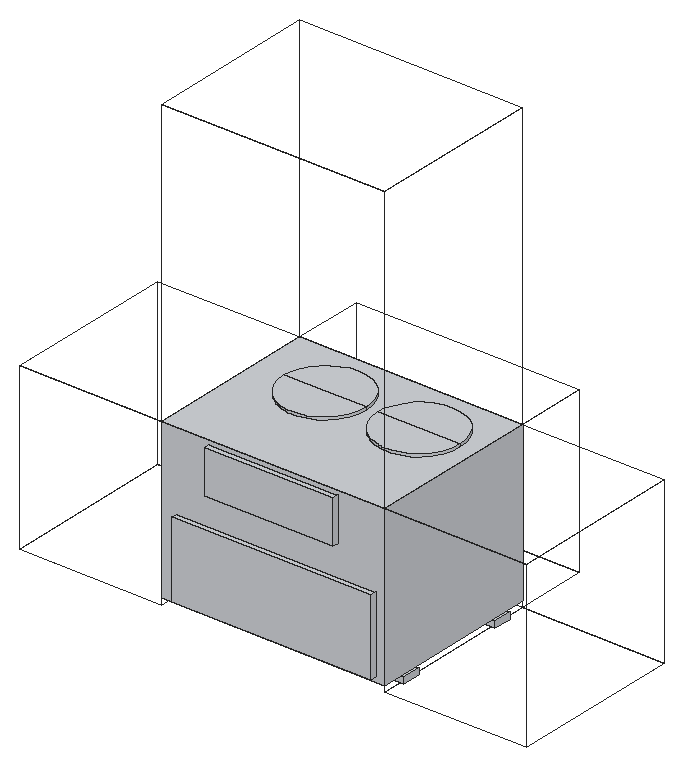
Revit family "Air_Handling_Unit-Package-Temperzone-OPA_171_211RLTFY", category Mechanical Equipment, Revit 2024
Family settings
  Round Connector Dimension = Use Radius
  Part Type = Normal
  OmniClass Number = 23.75.35.14
  OmniClass Title = Air Handling Units
  Work Plane-Based = No
  Always vertical = Yes
  Cut with Voids When Loaded = No
  Maintain Annotation Orientation = No
  Shared = No
  Room Calculation Point = No
Parameters (values of type "OPA 211RLTFY(D)H")
  Voltage = 400 V  # constant formula
  Type Comments = "The manufacturer reserves the right to change specifications at any time without notice or obligation. Certified dimensions available on request."  # constant formula
  OverallUnitWidth = UnitWidth + MountingFootLeftOffset + DrainageLength  # 1621 mm
  DrainageLength = 30 mm
  DoubleCondensorFan = yes
  SASpigotAngle = 0.00°
  SAPivotPlaneTopOffset = 332 mm
  Running Amps_Total System = "10 / 8.5 / 11.5 A/ph."
  OverallUnitLength = UnitLength + SpigotDepth  # 1256 mm
  OverallUnitHeight = UnitHeight + CondensorFanHeight  # 1176 mm
  NominalCoolingCapacity_ANZRS = 20300 W
  Nominal Airflow = 1050.0 L/s
  NetCoolingCapacity = 19900 W
  NOTE = "Models are representative of actual units, for exact model details please contact your Temperzone representative"  # constant formula
  MountingFootWidth = 127.5 mm
  MountingFootLeftOffset = 24 mm
  MountingPointWidth = 1571 mm
  MountingPointLength = 800 mm
  MountingFootLength = 1615 mm
  MountingFootHalfWidth = MountingFootWidth / 2  # 63.75 mm
  ModifiedIssue_ANZRS = 250815.01  # constant formula
  UnitWidth = 1567 mm
  UnitLength = 1216 mm
  UnitHeight = 1158 mm
  URL = "www.temperzone.biz"
  SASpigotVerticalOffset = 826 mm
  SASpigotLeftOffset = 331 mm
  Sound Pressure Level_3m at nominal airflow = "62.6 dB(A)"
  Sound Power Level_at nominal airflow = "78.6 dB(A)"
  SASpigotWidth = 905 mm
  SASpigotHeight = 304 mm
  SpigotDepth = 40 mm
  Max Running Amps_Total = "20 A/ph."
  RASpigotVerticalOffset = 77 mm
  RASpigotLeftOffset = 104 mm
  RASpigotWidth = 1400 mm
  RASpigotHeight = 534 mm
  RASpigotDepth = SpigotDepth  # 40 mm
  Power Source = "3 phase 342-436V a.c. 50Hz"
  Nett Weight = "298 kg"
  Model = "OPA 211RLTFY(D)H"
  Manufacturer = "temperzone ltd"  # constant formula
  IndoorAirFanMotor = "EC Motor"  # constant formula
  Indoor Fan Full Load Amps = "3 A/ph."
  HeatingCapacity_ANZRS = 19700 W
  Finish = "Grey Polyester Powder Coat"
  ElectricalRightOffset = 57 mm
  ElectricInputVerticalOffset = 654 mm
  EER / AEER_cooling = "3.52 / 3.48"
  DrainageVerticalOffset = 83 mm
  DrainageOut [instance] = 0.0 L/s
  DrainageBackOffset = 772 mm
  DrainageDia = 12.7 mm
  Default Elevation = 0 mm
  CreatedBy_ANZRS = "temperzone ltd"  # constant formula
  CreatedByPhoneNo_ANZRS = "09 279 5250"  # constant formula
  Controller = "UC8"
  CondensorFan1LeftOffset = 505 mm
  CondensorFanBackOffset = 411 mm
  CondensorFan2LeftOffset = 1167 mm
  Condensate Drain = "Condensate Drain - 1/2\" BSP Female"
  ClearanceTop = 2000 mm
  ClearanceBack = 500 mm
  ClearanceLeft = 1000 mm
  Clearance Zones = Clearance Zones
  COP / ACOP_heating = "3.67 / 3.63"
  CondensorFanHeight = 18 mm
  CondensorFanRadius = 290 mm
  ActualSupplyAirFlow_ANZRS [instance] = 0.0 L/s
  ActualReturnAirFlow_ANZRS [instance] = 0.0 L/s
Types (5, lengths in mm): name | OverallUnitWidth | DoubleCondensorFan | SASpigotAngle | SAPivotPlaneTopOffset | Running Amps_Total System | OverallUnitLength | NominalCoolingCapacity_ANZRS | Nominal Airflow | NetCoolingCapacity | MountingFootWidth | MountingPointWidth | MountingFootLength | MountingFootHalfWidth | UnitWidth | UnitLength | SASpigotLeftOffset | Sound Pressure Level_3m at nominal airflow | Sound Power Level_at nominal airflow | SASpigotWidth | Max Running Amps_Total | RASpigotLeftOffset | RASpigotWidth | RASpigotHeight | Nett Weight | Model | HeatingCapacity_ANZRS | EER / AEER_cooling | CondensorFan1LeftOffset | CondensorFan2LeftOffset | COP / ACOP_heating
  (no name) | 1621 | yes | 0.00° | 332 | "10 / 8.5 / 11.5 A/ph." | 1256 | 20300 W | 1050.0 L/s | 19900 W | 127.5 | 1571 | 1615 | 63.75 | 1567 | 1216 | 331 | "62.6 dB(A)" | "78.6 dB(A)" | 905 | "20 A/ph." | 104 | 1400 | 534 | "298 kg" | "OPA 211RLTFY(D)H" | 19700 W | "3.52 / 3.48" | 505 | 1167 | "3.67 / 3.63"
  OPA 171RLTFY(D)H | 1231 | no | 0.00° | 332 | "9 / 7.5 / 9 A/ph." | 1254 | 16800 W | 900.0 L/s | 16400 W | 127 | 1170 | 1224 | 63.5 | 1177 | 1214 | 267 | "59.6 dB(A)" | "75.6 dB(A)" | 778 | "14 A/ph." | 102 | 1030 | 432 | "250 kg" | "OPA 171RLTFY(D)H" | 17300 W | "3.34 / 3.30" | 697 | 697 | "3.42 / 3.38"
  OPA 211RLTFY(D)V | 1621 | yes | 90.00° | 50 | "10 / 8.5 / 11.5 A/ph." | 1256 | 20300 W | 1050.0 L/s | 19900 W | 127.5 | 1571 | 1615 | 63.75 | 1567 | 1216 | 331 | "62.6 dB(A)" | "78.6 dB(A)" | 905 | "20 A/ph." | 104 | 1400 | 534 | "298 kg" | "OPA 211RLTFY(D)V" | 19700 W | "3.52 / 3.48" | 505 | 1167 | "3.67 / 3.63"
  OPA 211RLTFY(D)H | 1621 | yes | 0.00° | 332 | "10 / 8.5 / 11.5 A/ph." | 1256 | 20300 W | 1050.0 L/s | 19900 W | 127.5 | 1571 | 1615 | 63.75 | 1567 | 1216 | 331 | "62.6 dB(A)" | "78.6 dB(A)" | 905 | "20 A/ph." | 104 | 1400 | 534 | "298 kg" | "OPA 211RLTFY(D)H" | 19700 W | "3.52 / 3.48" | 505 | 1167 | "3.67 / 3.63"
  OPA 171RLTFY(D)V | 1231 | no | 90.00° | 50 | "9 / 7.5 / 9 A/ph." | 1254 | 16800 W | 900.0 L/s | 16400 W | 127 | 1170 | 1224 | 63.5 | 1177 | 1214 | 267 | "59.6 dB(A)" | "75.6 dB(A)" | 778 | "14 A/ph." | 102 | 1030 | 432 | "250 kg" | "OPA 171RLTFY(D)V" | 17300 W | "3.34 / 3.30" | 697 | 697 | "3.42 / 3.38"
Reference planes
  plane 1 "Center (Front/Back)": y = 0
  plane 2 "Bottom": z = 0
  plane 3 "Center (Left/Right)": x = 0
  plane 4 "Left": x = -783.5
  plane 5 "Right": x = 783.5
  plane 6 "Front": y = -608
  plane 7 "Back": y = 608
  plane 8 "Top": z = 1158
  plane 9 "FootHeightPlane": z = 45
  plane 10 "ReturnSpigotPlane": z = 77
  plane 11 "SASpigotPlane": z = 826
  plane 12 "MountingPointLeft": x = -785.5
  plane 13 "MountingPointsRight": x = 785.5
  plane 14 "MountingFootCenterLine1": y = 400
  plane 15 "MountingFootCenterLine": y = -400
  plane 16 "SASpigotHeight": z = 1130
  plane 17 "SASpigotRight": x = 452.5
  plane 18 "SASpigotLeft": x = -452.5
  plane 19 "RASpigotHeight": z = 611
  plane 20 "RASpigotLeft": x = -679.5
  plane 21 "RASpigotRight": x = 720.5
  plane 22 "CondensorFanAxisPlane": y = 197
  plane 23 "CondensorFanHeightPlane": z = 1176
  plane 24 "ElectricInput": x = 479.5
  plane 25 "SASpigotPivotV": y = -276
Forms (mm)
  Extrusion 1, solid
    sketch origin (0, 0, 0) x (1, 0, 0) y (0, 1, 0)
      loop
        line (-783.5, 608) -> (-783.5, -608) -> (783.5, -608) -> (783.5, 608) -> (-783.5, 608)
    from 45 to 1158
  Extrusion 2, solid, material "Clearance Zones" <- "Clearance Zones"
    sketch origin (62, 0, 396.559) x (1, 0, 0) y (0, 0, 1)
      loop
        line (-845.5, 761.441) -> (721.5, 761.441) -> (721.5, 2761.441) -> (-845.5, 2761.441) -> (-845.5, 761.441)
    from -608 to 608
  Extrusion 3, solid, material "Clearance Zones" <- "Clearance Zones"
    sketch origin (1033, 2960.5, -1) x (0, 1, 0) y (0, 0, 1)
      loop
        line (-2352.5, 1159) -> (-3568.5, 1159) -> (-3568.5, 1) -> (-2352.5, 1) -> (-2352.5, 1159)
    from -249.5 to 750.5
  Extrusion 4, solid, material "Clearance Zones" <- "Clearance Zones"
    sketch origin (-1033, 3019.5, -1) x (0, -1, 0) y (0, 0, 1)
      loop
        line (2411.5, 1159) -> (2411.5, 1) -> (3627.5, 1) -> (3627.5, 1159) -> (2411.5, 1159)
    from -249.5 to 750.5
  Extrusion 5, solid
    sketch origin (-783.5, 0, 0) x (0, 1, 0) y (0, 0, 1)
      loop
        circle (-164, 83) r 12.7
    from 0 to -30
  Extrusion 6, void
    sketch origin (-1990.848, 608, 1181.19) x (1, 0, 0) y (0, 0, 1)
      loop
        circle (1262.348, -527.19) r 16
    from 0 to 10
  Extrusion 7, solid, material "Clearance Zones" <- "Clearance Zones"
    sketch origin (0, 0, 0) x (1, 0, 0) y (0, 1, 0)
      loop
        line (783.5, 608) -> (783.5, 1108) -> (-783.5, 1108) -> (-783.5, 608) -> (783.5, 608)
    from 0 to 1158
  Extrusion 8, solid
    sketch origin (-2125, 400, 1200) x (-1, 0, 0) y (0, 0, 1)
      loop
        line (-1317.5, -1155) -> (-2932.5, -1155) -> (-2932.5, -1200) -> (-1317.5, -1200) -> (-1317.5, -1155)
    from -63.75 to 63.75
  Extrusion 9, solid
    sketch origin (-2178.53, -400, 1200) x (-1, 0, 0) y (0, 0, 1)
      loop
        line (-1371.03, -1155) -> (-2986.03, -1155) -> (-2986.03, -1200) -> (-1371.03, -1200) -> (-1371.03, -1155)
    from -63.75 to 63.75
  Extrusion 10, void
    sketch origin (0, 0, 0) x (0, 1, 0) y (1, 0, 0)
      loop
        circle (400, -785.5) r 6
      loop
        circle (400, 785.5) r 6
      loop
        circle (-400, -785.5) r 6
      loop
        circle (-400, 785.5) r 6
    from 0 to -5
  Extrusion 11, solid
    sketch origin (-2000, -608, 1200) x (-1, 0, 0) y (0, 0, 1)
      loop
        line (-2720.5, -1123) -> (-1320.5, -1123) -> (-1320.5, -589) -> (-2720.5, -589) -> (-2720.5, -1123)
    from 0 to -40
  Revolve 12, solid, visible <- "DoubleCondensorFan"
    sketch origin (0, 197, 0) x (-1, 0, 0) y (0, 0, 1)
      loop
        line (-383.5, 1158) -> (-383.5, 1176) -> (-673.5, 1176) -> (-673.5, 1158) -> (-383.5, 1158)
      axis (-383.5, 1176) -> (-383.5, 1158)
    angle from 0 to 360
  Revolve 13, solid
    sketch origin (0, 197, 0) x (-1, 0, 0) y (0, 0, 1)
      loop
        line (568.5, 1176) -> (278.5, 1176) -> (278.5, 1158) -> (568.5, 1158) -> (568.5, 1176)
      axis (278.5, 1176) -> (278.5, 1158)
    angle from 0 to 360
  Extrusion 14, solid
    sketch origin (-336.5, -608, 931.584) x (1, 0, 0) y (0, 0, 1)
      loop
        line (-116, 198.416) -> (-116, -105.584) -> (789, -105.584) -> (789, 198.416) -> (-116, 198.416)
    from 0 to 40 <- "SpigotDepth"
Cuts and joins
  Extrusion 6 cuts Extrusion 1
  Extrusion 10 cuts Extrusion 8
  Extrusion 10 cuts Extrusion 9
Lines and regions (mm)
  reference lines
    curve 1: line (-1643.456, 197, 0) -> (1691.544, 197, 0)
    curve 2: line (-278.5, 197, 2984.28) -> (-278.5, 197, -492.282)
    curve 3: line (383.5, 197, 2984.28) -> (383.5, 197, -432.72)
    curve 4: line (-452.5, -276, 826) -> (-452.5, -608, 826)
Dimensions and locks
  "UnitLength": plane 7 "Back" to plane 6 "Front"
  equal spacing: plane 7 "Back", plane 1 "Center (Front/Back)", plane 6 "Front"
  "UnitWidth": plane 4 "Left" to plane 5 "Right"
  "UnitHeight": plane 8 "Top" to plane 2 "Bottom"
  "RASpigotVerticalOffset": plane 10 "ReturnSpigotPlane" to plane 2 "Bottom"
  Extrusion 3 sketch curve to plane 7 "Back" = 1216 mm
  plane 7 "Back" to Extrusion 4 sketch curve = 1216 mm
  "DrainageVerticalOffset": Extrusion 5 sketch curve to plane 2 "Bottom"
  Extrusion 4 to Extrusion 4 = 1000 mm
  Extrusion 3 to Extrusion 3 = 1000 mm
  equal spacing: plane 12 "MountingPointLeft", plane 3 "Center (Left/Right)", plane 13 "MountingPointsRight"
  "MountingPointLength": plane 14 "MountingFootCenterLine1" to plane 15 "MountingFootCenterLine"
  equal spacing: plane 14 "MountingFootCenterLine1", plane 1 "Center (Front/Back)", plane 15 "MountingFootCenterLine"
  "SASpigotVerticalOffset": plane 11 "SASpigotPlane" to plane 2 "Bottom"
  plane 4 "Left" to Extrusion 8 sketch curve = 24 mm
  plane 5 "Right" to Extrusion 8 sketch curve = 24 mm
  Extrusion 9 sketch curve to plane 5 "Right" = 24 mm
  plane 4 "Left" to Extrusion 9 sketch curve = 24 mm
  "RASpigotLeftOffset": plane 20 "RASpigotLeft" to plane 4 "Left"
  "SASpigotLeftOffset": plane 18 "SASpigotLeft" to plane 4 "Left"
  "SASpigotWidth": plane 17 "SASpigotRight" to plane 18 "SASpigotLeft"
  "SASpigotHeight": plane 16 "SASpigotHeight" to plane 11 "SASpigotPlane"
  "RASpigotWidth": plane 21 "RASpigotRight" to plane 20 "RASpigotLeft"
  "RASpigotHeight": plane 19 "RASpigotHeight" to plane 10 "ReturnSpigotPlane"
  "RASpigotDepth": Extrusion 11 to Extrusion 11
  "DrainageBackOffset": plane 7 "Back" to Extrusion 5 sketch curve
  "CondensorFanBackOffset": curve 1 to plane 7 "Back"
  "CondensorFanBackOffset": plane 7 "Back" to plane 22 "CondensorFanAxisPlane"
  "CondensorFan2LeftOffset": plane 4 "Left" to curve 3
  "CondensorFanHeight": plane 8 "Top" to plane 23 "CondensorFanHeightPlane"
  "CondensorFanRadius": Revolve 12 sketch curve to Revolve 12 sketch curve
  "CondensorFanRadius": Revolve 13 sketch curve to Revolve 13 sketch curve
  "ClearanceLeft": Extrusion 4 to plane 4 "Left"
  "ClearanceTop": Extrusion 2 to plane 8 "Top"
  "ClearanceLeft": Extrusion 3 to plane 5 "Right"
  "ClearanceBack": Extrusion 7 to plane 7 "Back"
  plane 4 "Left" to plane 24 "ElectricInput" = 1263 mm
  "MountingFootLength": cut or joined group of Extrusion 9, Extrusion 10 to cut or joined group of Extrusion 9, Extrusion 10
  "MountingFootLeftOffset": cut or joined group of Extrusion 9, Extrusion 10 to plane 4 "Left"
  "MountingFootLength": cut or joined group of Extrusion 8, Extrusion 10 to cut or joined group of Extrusion 8, Extrusion 10
  "MountingFootLeftOffset": cut or joined group of Extrusion 8, Extrusion 10 to plane 4 "Left"
  "MountingFootWidth": cut or joined group of Extrusion 9, Extrusion 10 to cut or joined group of Extrusion 9, Extrusion 10
  "MountingFootHalfWidth": cut or joined group of Extrusion 9, Extrusion 10 to plane 15 "MountingFootCenterLine"
  "MountingFootHalfWidth": cut or joined group of Extrusion 8, Extrusion 10 to plane 14 "MountingFootCenterLine1"
  "MountingFootWidth": cut or joined group of Extrusion 8, Extrusion 10 to cut or joined group of Extrusion 8, Extrusion 10
  "CondensorFan1LeftOffset": plane 4 "Left" to curve 2
  "SAPivotPlaneTopOffset": plane 25 "SASpigotPivotV" to plane 6 "Front"
  "SASpigotHeight": Extrusion 14 sketch curve to Extrusion 14 sketch curve
  "SASpigotWidth": Extrusion 14 sketch curve to Extrusion 14 sketch curve
  equal spacing: plane 4 "Left", plane 3 "Center (Left/Right)", plane 5 "Right"
  "MountingPointWidth": plane 12 "MountingPointLeft" to plane 13 "MountingPointsRight"
  "ElectricalRightOffset": Extrusion 6 sketch curve to plane 12 "MountingPointLeft"
  "ElectricInputVerticalOffset": Extrusion 6 sketch curve to plane 2 "Bottom"
  "DrainageDia": radius of Extrusion 5 sketch curve
  radius of Extrusion 10 sketch curve = 6 mm  (x4)
  "SASpigotAngle": angle plane 11 "SASpigotPlane" to curve 4
  aligned and locked: level to plane 2 "Bottom"
  aligned and locked: Extrusion 1 to plane 9 "FootHeightPlane"
  aligned and locked: plane 8 "Top" to Extrusion 1
  aligned and locked: Extrusion 2 sketch curve to cut or joined group of Extrusion 1, Extrusion 6
  aligned and locked: plane 5 "Right" to Extrusion 2 sketch curve
  aligned and locked: plane 8 "Top" to Extrusion 3 sketch curve
  aligned and locked: Extrusion 3 sketch curve to plane 2 "Bottom"
  aligned and locked: plane 7 "Back" to Extrusion 3 sketch curve
  aligned and locked: Extrusion 3 to plane 5 "Right"
  aligned and locked: Extrusion 4 sketch curve to plane 8 "Top"
  aligned and locked: level to Extrusion 4 sketch curve
  aligned and locked: Extrusion 4 sketch curve to plane 7 "Back"
  aligned and locked: plane 4 "Left" to Extrusion 4
  aligned: plane 6 "Front" to Extrusion 5
  aligned and locked: Extrusion 7 to plane 4 "Left"
  aligned and locked: plane 5 "Right" to Extrusion 7
  aligned and locked: plane 8 "Top" to Extrusion 7
  aligned and locked: cut or joined group of Extrusion 1, Extrusion 6 to plane 9 "FootHeightPlane"
  aligned and locked: Extrusion 8 sketch curve to plane 9 "FootHeightPlane"
  aligned and locked: plane 2 "Bottom" to Extrusion 8 sketch curve
  aligned and locked: plane 9 "FootHeightPlane" to Extrusion 9 sketch curve
  aligned and locked: Extrusion 9 sketch curve to plane 2 "Bottom"
  aligned and locked: plane 4 "Left" to Extrusion 5
  aligned and locked: Extrusion 3 to plane 6 "Front"
  aligned and locked: Extrusion 4 to plane 6 "Front"
  aligned and locked: Extrusion 11 sketch curve to plane 10 "ReturnSpigotPlane"
  aligned and locked: plane 21 "RASpigotRight" to Extrusion 11 sketch curve
  aligned and locked: plane 19 "RASpigotHeight" to Extrusion 11 sketch curve
  aligned and locked: Extrusion 11 sketch curve to plane 20 "RASpigotLeft"
  aligned and locked: plane 23 "CondensorFanHeightPlane" to Revolve 12 sketch curve
  aligned and locked: Revolve 12 sketch curve to plane 8 "Top"
  aligned and locked: curve 3 to Revolve 12 sketch curve
  aligned and locked: plane 23 "CondensorFanHeightPlane" to Revolve 13 sketch curve
  aligned and locked: Revolve 13 sketch curve to plane 8 "Top"
  aligned and locked: curve 2 to Revolve 13 sketch curve  (x2)
  aligned and locked: plane 8 "Top" to Extrusion 4
  aligned and locked: Extrusion 1 to plane 4 "Left"
  aligned and locked: Extrusion 2 to plane 4 "Left"
  aligned and locked: Extrusion 2 to cut or joined group of Extrusion 1, Extrusion 6
  aligned and locked: plane 11 "SASpigotPlane" to curve 4
  aligned and locked: plane 25 "SASpigotPivotV" to curve 4
  aligned and locked: Extrusion 14 to plane 18 "SASpigotLeft"
  aligned and locked: plane 5 "Right" to Extrusion 1
  aligned and locked: Extrusion 1 sketch curve to plane 7 "Back"
  aligned and locked: Extrusion 14 to curve 4
  aligned and locked: plane 17 "SASpigotRight" to Extrusion 14
  aligned and locked: Extrusion 2 to plane 6 "Front"
  aligned and locked: Extrusion 2 to plane 7 "Back"
  aligned and locked: Extrusion 7 to level
Automatic sketch dimensions
  plane 8 "Top" to Extrusion 2 sketch curve = 2000 mm
  Extrusion 7 sketch curve to plane 7 "Back" = 0 mm
  Extrusion 7 sketch curve to plane 4 "Left" = 0 mm
  plane 5 "Right" to Extrusion 7 sketch curve = 0 mm
  Extrusion 7 sketch curve to Extrusion 7 sketch curve = 500 mm
  Extrusion 10 sketch curve to plane 12 "MountingPointLeft" = 0 mm  (x2)
  Extrusion 10 sketch curve to plane 15 "MountingFootCenterLine" = 0 mm  (x2)
  Extrusion 10 sketch curve to plane 13 "MountingPointsRight" = 0 mm  (x2)
  Extrusion 10 sketch curve to plane 14 "MountingFootCenterLine1" = 0 mm  (x2)
  plane 4 "Left" to Extrusion 2 sketch curve = 0 mm
  curve 2 to level = 492.282 mm
  curve 3 to level = 432.72 mm
  plane 23 "CondensorFanHeightPlane" to curve 3 = 1808.28 mm
  curve 2 to curve 3 = 0 mm
  Revolve 12 sketch curve to Revolve 12 sketch curve = 0 mm
  Revolve 12 sketch curve to Revolve 12 sketch curve = 11.4 mm
  Revolve 12 sketch curve to Revolve 12 sketch curve = 118.6 mm
  Revolve 13 sketch curve to plane 23 "CondensorFanHeightPlane" = 0 mm
  Revolve 13 sketch curve to plane 16 "SASpigotHeight" = 4.976 mm
  curve 1 to plane 4 "Left" = 859.956 mm
  plane 5 "Right" to curve 1 = 908.044 mm
  Extrusion 1 sketch curve to plane 4 "Left" = 0 mm
  Extrusion 1 sketch curve to plane 6 "Front" = 0 mm
  Extrusion 1 sketch curve to plane 13 "MountingPointsRight" = 2 mm
  Extrusion 14 sketch curve to plane 18 "SASpigotLeft" = 0 mm
  Extrusion 14 sketch curve to plane 11 "SASpigotPlane" = 0 mm
  radius of Extrusion 6 sketch curve = 16 mm
Connectors
  piping at (-813.5, -164, 83), diameter 25.4, driven by "DrainageDia", driven by "DrainageOut", driven by "Condensate Drain"
    settings: on Extrusion 5, index 3, connector inside diameter 32 mm, connector length 0 mm, flow factor 0, pipe flow 0.0 L/s, pressure drop 0.0 Pa, fitting loss kfactor 0, connector angle 0.00°, fixture units 0, engagement length 0 mm, angle of deflection 0.00°, flow configuration 1, flow direction 2, fitting loss method 0, system type 16, joint type 0, gender type 0, connector reference index -1, connector utility 0, adjustable connector no, is connector primary yes, connector description "Condensate Drain - 1/2\" BSP Female"
  electrical at (-728.5, 598, 654), driven by "Voltage", driven by "Power Source"
    settings: on cut or joined group of Extrusion 1, Extrusion 6, index 7, voltage 400 V, apparent load 0 VA, apparent load phase1 0 VA, apparent load phase2 0 VA, apparent load phase3 0 VA, power factor 1, load classification "Other", number of poles 1, system type 30, power factor state 1, is connector primary yes, connector utility no, sub classification motor no, connector description "3 phase 342-436V a.c. 50Hz"
  hvac at (20.5, -648, 344), driven by "ActualReturnAirFlow_ANZRS", driven by "RASpigotHeight", driven by "RASpigotWidth"
    settings: on Extrusion 11, index 9, duct flow 0.0 L/s, flow factor 0, pres drop 0.0 Pa, loss coef 0, conn angle 0.00°, conn width 1400 mm, conn height 534 mm, conn diameter 609.6 mm, duct sys type 2, conn prof type 1, flow config 0, flow direction 1, loss method 0, conn ref index -1, conn util no, is conn primary yes, conn desc "Return Air"
  hvac at (0, -648, 978), driven by "SASpigotHeight", driven by "SASpigotWidth", driven by "ActualSupplyAirFlow_ANZRS"
    settings: on Extrusion 14, index 10, duct flow 0.0 L/s, flow factor 0, pres drop 0.0 Pa, loss coef 0, conn angle 0.00°, conn width 905 mm, conn height 304 mm, conn diameter 609.6 mm, duct sys type 1, conn prof type 1, flow config 0, flow direction 2, loss method 0, conn ref index -1, conn util no, is conn primary no, conn desc ""
